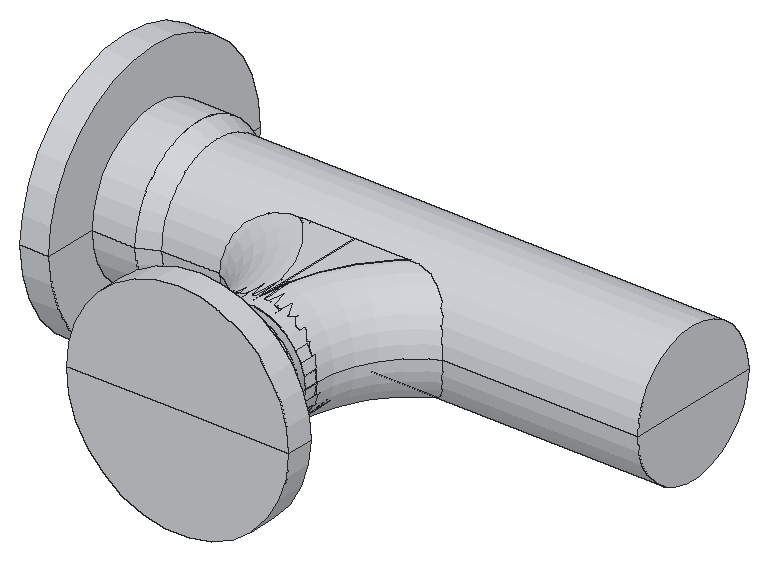
Revit family "94bf4eac284443328c717831e787c714", category Pipe Fittings, Revit 2021
Family settings
  Round Connector Dimension = Use Radius
  Part Type = Tee
  OmniClass Number = 23.60.30.11.14
  OmniClass Title = Pipework Fittings
  Seek Item ID = Tee - PVC - Sch 40-0000-USA-ENU
  Work Plane-Based = No
  Always vertical = Yes
  Cut with Voids When Loaded = No
  Shared = No
Parameters (values of type "Standard")
  Visibility 1 [instance] = Angle = 90.00°  # yes
  Tick Size 2 [instance] = Fitting Outside Diameter 2 * 0.4  # 1.5840"
  Tick Size 1 [instance] = Fitting Outside Diameter 1 * 0.4  # 1.9200"
  Socket Outside Radius 2 [instance] = Socket Outside Diameter 2 / 2  # 2.2400"
  Socket Outside Radius 1 [instance] = Socket Outside Diameter 1 / 2  # 2.7250"
  Socket Outside Diameter 1 [instance] = size_lookup(Lookup Table Name, "SOD", 1.08 * Nominal Diameter 1 + 1.1300", Nominal Diameter 1)  # 5.4500"
  Socket Outside Diameter 2 [instance] = size_lookup(Lookup Table Name, "SOD", 1.08 * Nominal Diameter 2 + 1.1300", Nominal Diameter 2)  # 4.4800"
  Socket Depth 2 [instance] = if(Nominal Diameter 2 < 14.0000", 2.5000", if(Nominal Diameter 2 < 30.0000", 3.5000", 4.0000"))  # 2.5000"
  Socket Depth 1 [instance] = if(Nominal Diameter 1 < 14.0000", 2.5000", if(Nominal Diameter 1 < 30.0000", 3.5000", 4.0000"))  # 2.5000"
  Nominal Radius 2 [instance] = 1.5000"
  Nominal Diameter 2 [instance] = Nominal Radius 2 * 2  # 3.0000"
  Lookup Table Name = "Tee Reducing - MJ x PE - GI - Class 250"
  Length 1 [instance] = Socket Depth 2 + Bevel Length 2  # 3.0200"
  Fitting Outside Radius 2 [instance] = Fitting Outside Diameter 2 / 2  # 1.9800"
  Fitting Outside Radius 1 [instance] = Fitting Outside Diameter 1 / 2  # 2.4000"
  Fitting Outside Diameter 2 [instance] = size_lookup(Lookup Table Name, "FOD", 1.04 * Nominal Diameter 2 + 0.7000", Nominal Diameter 2)  # 3.9600"
  Fitting Outside Diameter 1 [instance] = size_lookup(Lookup Table Name, "FOD", 1.04 * Nominal Diameter 1 + 0.7000", Nominal Diameter 1)  # 4.8000"
  Nominal Radius 1 [instance] = 2.0000"
  Nominal Diameter 1 [instance] = Nominal Radius 1 * 2  # 4.0000"
  Loss Method = K Coefficient from Table
  K Coefficient Table = "Tee"
  Default Elevation = 0.0000"
  Bevel Length 2 [instance] = size_lookup(Lookup Table Name, "BvLgt", 0.04 * Nominal Diameter 2 + 0.4300", Nominal Diameter 2)  # 0.5200"
  Bevel Length 1 [instance] = size_lookup(Lookup Table Name, "BvLgt", 0.04 * Nominal Diameter 1 + 0.4300", Nominal Diameter 1)  # 0.6500"
  Center to Socket Bottom 3 Label [instance] = if(Center Radius > Center to Socket Bottom 3, Center Radius + 7.0000", Center to Socket Bottom 3)  # 10.6200"
  Center to Socket Bottom 3 [instance] = size_lookup(Lookup Table Name, "CtSB3", 0.31 * Nominal Diameter 1 + 11.0700", Nominal Diameter 1, Nominal Diameter 2)  # 10.6200"
  Center to Socket Bottom 2 [instance] = size_lookup(Lookup Table Name, "CtSB2", 4.5900" + 0.59 * Nominal Diameter 1 + 0.05 * Nominal Diameter 2, Nominal Diameter 1, Nominal Diameter 2)  # 6.5000"
  Center to Socket Bottom 1 [instance] = size_lookup(Lookup Table Name, "CtSB1", 6.2700" + 0.34 * Nominal Diameter 1 + 0.15 * Nominal Diameter 2, Nominal Diameter 1, Nominal Diameter 2)  # 6.5000"
  Center to End 3 Label [instance] = if((Center to End 2 - Gland Width 2) * tan(Angle 1 / 2) > Gland Outside Radius 1, Center to Socket Bottom 3 Label, Gland Outside Radius 1 / tan(Angle 1 / 2) + Gland Width 2)  # 10.6200"
  Center to End 2 Label [instance] = if((Center to End 2 - Gland Width 2) * tan(Angle 1 / 2) > Gland Outside Radius 1, Center to End 2, Gland Outside Radius 1 / tan(Angle 1 / 2) + Gland Width 2)  # 9.0000"
  Center to End 2 [instance] = Center to Socket Bottom 2 + Socket Depth 2  # 9.0000"
  Center to End 1 Label [instance] = if((Center to End 2 - Gland Width 2) * tan(Angle 1 / 2) > Gland Outside Radius 1, Center to End 1, Gland Outside Radius 1 / tan(Angle 1 / 2) + Gland Width 2)  # 9.0000"
  Center to End 1 [instance] = Center to Socket Bottom 1 + Socket Depth 1  # 9.0000"
  Center Radius Label [instance] = if(Center to Socket Bottom 2 - Center Radius - Bevel Length 2 < 0.5000", Center to Socket Bottom 2 - Bevel Length 2 - 0.5000", Center Radius)  # 5.4800"
  Center Radius [instance] = size_lookup(Lookup Table Name, "CRad", 4.4800" + 0.3 * Nominal Diameter 1 + 0.33 * Nominal Diameter 2, Nominal Diameter 1, Nominal Diameter 2)  # 5.8500"
  Gland Width 2 [instance] = size_lookup(Lookup Table Name, "GWid", 0.03 * Nominal Diameter 2 + 0.9400", Nominal Diameter 2)  # 0.9400"
  Gland Width 1 [instance] = size_lookup(Lookup Table Name, "GWid", 0.03 * Nominal Diameter 1 + 0.9400", Nominal Diameter 1)  # 1.0000"
  Gland Outside Radius 2 [instance] = Gland Outside Diameter 2 / 2  # 3.8450"
  Gland Outside Radius 1 [instance] = Gland Outside Diameter 1 / 2  # 4.5600"
  Gland Outside Diameter 2 [instance] = size_lookup(Lookup Table Name, "GOD", 1.16 * Nominal Diameter 2 + 4.0300", Nominal Diameter 2)  # 7.6900"
  Gland Outside Diameter 1 [instance] = size_lookup(Lookup Table Name, "GOD", 1.16 * Nominal Diameter 1 + 4.0300", Nominal Diameter 1)  # 9.1200"
  Angle 1 [instance] = if(Angle > 90.00°, 180.00° - Angle, Angle)  # 90.00°
  Angle [instance] = 90.00°
Reference planes (in)
  plane 1 "Center (Front/Back)": y = 0
  plane 2: z = 0
  plane 3 "Center (Left/Right)": x = 0
  plane 4: y = -6.5
  plane 5: y = 4.56
  plane 6: y = 2.725
  plane 7: y = 2.4
  plane 8: x = -9
  plane 9: x = -8
  plane 10: x = -5.85
  plane 11: x = -6.5
  plane 12: x = 10.62
  plane 13: y = -5.98
  plane 14: y = -5.48
  plane 15: x = -5.48
  plane 16: x = 5.48
  plane 17: z = 1.98
  plane 18: z = -1.98
  plane 19: y = 1.92
  plane 20: y = -1.92
Forms (in)
  Revolve 1, solid, detail levels fine
    sketch origin (0, 0, 0) x (1, 0, 0) y (0, 1, 0)
      loop
        line (-9, 0) -> (10.62, 0) -> (10.62, 2.4) -> (-5.85, 2.4) -> (-6.5, 2.725) -> (-8, 2.725) -> (-8, 4.56) -> (-9, 4.56) -> (-9, 0)
      axis (-9, 0) -> (10.62, 0)
    angle from 0 to 360
  Sweep 2, solid, visible <- "Visibility 1", detail levels fine
    path origin (0, 0, 0) x (1, 0, 0) y (0, 1, 0)
      loop
        arc (-5.48, 0) -> (-1.60505, -1.60505) -> (0, -5.48) r 5.48
        line (0, -5.48) -> (0, -5.98)
    profile origin (0, -5.48, 0) x (1, 0, 0) y (0, 0, 1)
      loop
        circle (0, 0) r 1.98
  Sweep 3, solid, visible <- "Visibility 1", detail levels fine
    path origin (0, 0, 0) x (-1, 0, 0) y (0, 1, 0)
      loop
        arc (-5.48, 0) -> (-1.60505, -1.60505) -> (0, -5.48) r 5.48
        line (0, -5.48) -> (0, -5.98)
    profile origin (0, -5.48, 0) x (1, 0, 0) y (0, 0, 1)
      loop
        circle (0, 0) r 1.98
  Extrusion 4, solid, visible <- "Visibility 1", detail levels fine
    sketch origin (0, 0, 0) x (1, 0, 0) y (0, 1, 0)
      loop
        arc (-5.48, 0) -> (-1.60505, -1.60505) -> (0, -5.48) r 5.48
        arc (0, -5.48) -> (1.60505, -1.60505) -> (5.48, 0) r 5.48
        line (5.48, 0) -> (-5.48, 0)
    from -1.98 to 1.98
  Revolve 5, solid, detail levels fine
    sketch origin (0, 0, 0) x (0, -1, 0) y (1, 0, 0)
      loop
        line (9, 0) -> (0, 0) -> (0, -1.98) -> (5.98, -1.98) -> (6.5, -2.24) -> (8.06, -2.24) -> (8.06, -3.845) -> (9, -3.845) -> (9, 0)
      axis (0, 0) -> (9, 0)
    angle from 0 to 360
Cuts and joins
  joined: Revolve 1, Revolve 5
Lines and regions (in)
  model lines, detail levels coarse+medium
    curve 1: line (-9, 1.92, 0) -> (-9, -1.92, 0)
    curve 2: line (10.62, 1.92, 0) -> (10.62, -1.92, 0)
    curve 5: line (-1.584, -9, 0) -> (1.584, -9, 0)
  model lines, style "PipeFitting", detail levels coarse+medium
    curve 3: line (-9, 0, 0) -> (10.62, 0, 0)
    curve 6: line (0, 0, 0) -> (0, -9, 0)
  reference lines, not visible
    curve 4: line (0, 0, 0) -> (0, -9, 0)
Dimensions and locks (in)
  "Center to Socket Bottom 2": plane 4 to plane 1 "Center (Front/Back)"
  "Fitting Outside Radius 1": plane 7 to plane 1 "Center (Front/Back)"
  "Socket Outside Radius 1": plane 6 to plane 1 "Center (Front/Back)"
  "Gland Outside Radius 1": plane 5 to plane 1 "Center (Front/Back)"
  "Gland Width 1": plane 8 to plane 9
  "Socket Depth 1": plane 8 to plane 11
  "Bevel Length 1": plane 11 to plane 10
  "Bevel Length 2": plane 13 to plane 4
  "Center Radius Label": plane 1 "Center (Front/Back)" to plane 14
  "Center Radius Label": plane 15 to plane 3 "Center (Left/Right)"
  "Center Radius Label": plane 3 "Center (Left/Right)" to plane 16
  "Fitting Outside Radius 2": plane 17 to plane 2
  "Fitting Outside Radius 2": plane 18 to level
  "Tick Size 1": plane 1 "Center (Front/Back)" to plane 20
  "Tick Size 1": plane 19 to plane 1 "Center (Front/Back)"
  "Center to End 3 Label": plane 3 "Center (Left/Right)" to plane 12
  "Center to End 1 Label": plane 8 to plane 3 "Center (Left/Right)"
  "Center to End 2 Label": curve 4 to curve 4
  "Center to End 2 Label": Revolve 5 sketch curve to Revolve 5 sketch curve
  "Fitting Outside Radius 2": Revolve 5 sketch curve to Revolve 5 sketch curve
  "Gland Width 2": Revolve 5 sketch curve to Revolve 5 sketch curve
  "Socket Depth 2": Revolve 5 sketch curve to Revolve 5 sketch curve
  "Gland Outside Radius 2": Revolve 5 sketch curve to Revolve 5 sketch curve
  "Socket Outside Radius 2": Revolve 5 sketch curve to Revolve 5 sketch curve
  "Length 1": Revolve 5 sketch curve to Revolve 5 sketch curve
  "Tick Size 2": curve 5 to curve 4
  "Tick Size 2": curve 4 to curve 5
  "Center to End 2 Label": curve 6 to curve 6
  "Center Radius Label": radius of Sweep 2 sketch curve
  "Fitting Outside Radius 2": radius of Sweep 2 sketch curve
  "Center Radius Label": radius of Sweep 3 sketch curve
  "Fitting Outside Radius 2": radius of Sweep 3 sketch curve
  "Center Radius Label": radius of Extrusion 4 sketch curve  (x2)
  "Angle": angle curve 4 to plane 1 "Center (Front/Back)"
  "Angle": angle Revolve 5 sketch curve to plane 1 "Center (Front/Back)"
  locked: curve 4 to curve 5 (angle 90.00°)
  "Angle": angle curve 6 to plane 1 "Center (Front/Back)"
  aligned and locked: plane 1 "Center (Front/Back)" to Revolve 1 sketch curve
  aligned and locked: plane 8 to Revolve 1 sketch curve
  aligned and locked: Revolve 1 sketch curve to plane 5
  aligned and locked: Revolve 1 sketch curve to plane 7
  aligned and locked: Revolve 1 sketch curve to plane 6
  aligned and locked: plane 12 to Revolve 1 sketch curve
  aligned and locked: Revolve 1 sketch curve to plane 9
  aligned and locked: Revolve 1 sketch curve to Revolve 1 sketch curve
  aligned and locked: plane 11 to Revolve 1 sketch curve
  aligned and locked: plane 10 to Revolve 1 sketch curve
  aligned and locked: plane 14 to Sweep 2 sketch curve
  aligned and locked: plane 15 to Sweep 2 sketch curve
  aligned and locked: plane 16 to Sweep 3 sketch curve
  aligned and locked: plane 14 to Sweep 3 sketch curve
  aligned and locked: plane 15 to Extrusion 4 sketch curve  (x2)
  aligned and locked: plane 14 to Extrusion 4 sketch curve  (x3)
  aligned and locked: plane 16 to Extrusion 4 sketch curve  (x3)
  aligned and locked: plane 1 "Center (Front/Back)" to Extrusion 4 sketch curve  (x2)
  aligned and locked: plane 18 to Extrusion 4
  aligned and locked: plane 17 to Extrusion 4
  aligned and locked: plane 20 to curve 2
  aligned and locked: plane 19 to curve 2
  aligned and locked: plane 12 to curve 2
  aligned and locked: plane 20 to curve 1
  aligned and locked: plane 19 to curve 1
  aligned and locked: curve 1 to plane 8
  aligned and locked: plane 1 "Center (Front/Back)" to curve 3
  aligned and locked: plane 8 to curve 3
  aligned and locked: plane 12 to curve 3
  aligned and locked: plane 3 "Center (Left/Right)" to curve 4
  aligned and locked: plane 1 "Center (Front/Back)" to curve 4
  aligned and locked: plane 3 "Center (Left/Right)" to Revolve 5 sketch curve
  aligned and locked: plane 1 "Center (Front/Back)" to Revolve 5 sketch curve
  aligned and locked: Revolve 5 sketch curve to Revolve 5 sketch curve  (x3)
  aligned and locked: plane 13 to Sweep 2 sketch curve
  aligned and locked: plane 13 to Sweep 3 sketch curve
  aligned and locked: curve 5 to curve 4
  aligned and locked: plane 3 "Center (Left/Right)" to curve 6
Automatic sketch dimensions
  Revolve 1 sketch curve to plane 8 = 1.01143"
  Revolve 1 sketch curve to plane 12 = 1.76143"
  Sweep 2 sketch curve to level = 0.0000"
  profile plane to Sweep 2 sketch curve = 0.0000"
  Sweep 3 sketch curve to level = 0.0000"
  profile plane to Sweep 3 sketch curve = 0.0000"
  Extrusion 4 sketch curve to plane 15 = 0.0000"
Connectors (in)
  piping at (-9, 0, 0), diameter 4, driven by "Nominal Radius 1"
    settings: on Revolve 1, index 1, connector inside diameter 4.0000", connector length 0.0000", flow factor 0, pipe flow 0 GPM, pressure drop 0.00 psi, fitting loss kfactor 0, connector angle 0.00°, fixture units 0, engagement length 0.0000", angle of deflection 0.00°, flow configuration 0, flow direction 0, fitting loss method 0, system type 28, joint type 0, gender type 0, connector reference index 2, connector utility 0, adjustable connector no, is connector primary yes, connector description ""
  piping at (10.62, 0, 0), diameter 4, driven by "Nominal Radius 1"
    settings: on cut or joined group of Revolve 1, Revolve 5, index 2, connector inside diameter 4.0000", connector length 0.0000", flow factor 0, pipe flow 0 GPM, pressure drop 0.00 psi, fitting loss kfactor 0, connector angle 0.00°, fixture units 0, engagement length 0.0000", angle of deflection 0.00°, flow configuration 0, flow direction 0, fitting loss method 0, system type 28, joint type 0, gender type 0, connector reference index 1, connector utility 0, adjustable connector no, is connector primary no, connector description ""
  piping at (0, -9, 0), diameter 3, driven by "Nominal Radius 2", driven by "Angle"
    settings: on cut or joined group of Revolve 1, Revolve 5, index 3, connector inside diameter 3.0000", connector length 0.0000", flow factor 0, pipe flow 0 GPM, pressure drop 0.00 psi, fitting loss kfactor 0, connector angle 90.00°, fixture units 0, engagement length 0.0000", angle of deflection 0.00°, flow configuration 0, flow direction 0, fitting loss method 0, system type 28, joint type 0, gender type 0, connector reference index -1, connector utility 0, adjustable connector no, is connector primary no, connector description ""
